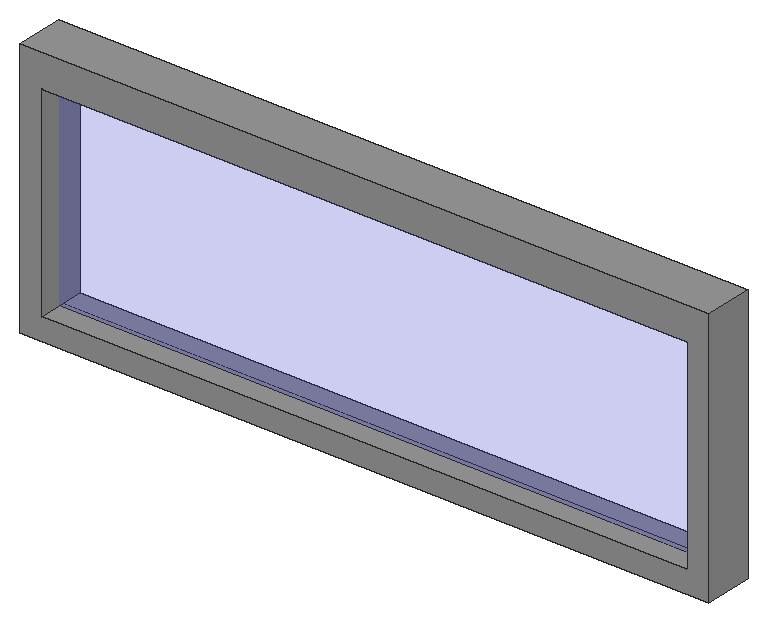
Revit family "Window W1", category Windows, host Wall, Revit 2025
Family settings
  Host = Wall
  OmniClass Number = 23.30.20.00
  OmniClass Title = Windows
  Always vertical = Yes
  Cut with Voids When Loaded = No
  Shared = No
  Room Calculation Point = No
Parameters (values of type "W1")
  Rough Width = 0' - 4 1/2"
  Height = 4' - 0"
  Glass Width = 0' - 0 1/2"
  Glass Material = Glass
  Frame Size = 0' - 2"
  Frame Material = Laminate, Black
  Default Sill Height = 6' - 0"
  Wall Closure = By host
  Width = 5' - 4"
Reference planes (in)
  plane 1 "Center (Front/Back)": y = 0
  plane 2: z = 0
  plane 3 "Center (Left/Right)": x = 0
  plane 4 "Sill": z = 72
  plane 5: y = 2.25
  plane 6: y = -2.25
  plane 7: y = 0.25
  plane 8: y = -0.25
Forms (in)
  Extrusion 1, solid, material "Laminate, Black" <- "Frame Material"
    sketch origin (0, 0, 0) x (1, 0, 0) y (0, 0, 1)
      loop
        line (32, 96) -> (-32, 96) -> (-32, 72) -> (32, 72) -> (32, 96)
      loop
        line (-30, 93) -> (-30, 74) -> (30, 74) -> (30, 93) -> (-30, 93)
    from -2.25 to 2.25
  Extrusion 2, solid, material "Glass" <- "Glass Material"
    sketch origin (0, 0, 0) x (1, 0, 0) y (0, 0, 1)
      loop
        line (30, 93) -> (-30, 93) -> (-30, 74) -> (30, 74) -> (30, 93)
    from -0.25 to 0.25
Lines and regions (in)
  Opening 1
    outline origin (-60, -7, 0) x (1, 0, 0) y (0, 0, 1)
      loop
        line (28, 96) -> (28, 72) -> (92, 72) -> (92, 96) -> (28, 96)
Text (in)
  text "EXTERIOR" at (-58.6888, 50.90694, 0), in view "Ref. Level"
  text "INTERIOR" at (-58.6888, -37.76638, 0), in view "Ref. Level"
  text "Exterior" at (0, 43.65631, 123.19604), in view "Left"
  text "Exterior" at (0, 18.29385, 125.04747), in view "Right"
Dimensions and locks (in)
  "Default Sill Height": plane 2 to plane 4 "Sill"
  equal spacing: Extrusion 1 sketch curve, plane 3 "Center (Left/Right)", Extrusion 1 sketch curve
  "Width": Extrusion 1 sketch curve to Extrusion 1 sketch curve
  "Frame Size": Extrusion 1 sketch curve to Extrusion 1 sketch curve  (x2)
  "Frame Size": plane 4 "Sill" to Extrusion 1 sketch curve
  Extrusion 1 sketch curve to Extrusion 1 sketch curve = 1' - 7"
  Extrusion 1 sketch curve to Extrusion 1 sketch curve = 0' - 3"
  plane 2 to Extrusion 1 = 8' - 0"
  equal spacing: host wall, plane 1 "Center (Front/Back)", host wall
  equal spacing: plane 5, plane 1 "Center (Front/Back)", plane 6
  "Rough Width": plane 5 to plane 6
  equal spacing: plane 7, plane 1 "Center (Front/Back)", plane 8
  "Glass Width": plane 7 to plane 8
  aligned and locked: plane 4 "Sill" to Opening 1 sketch curve  (x2)
  aligned and locked: level to plane 2
  aligned and locked: Extrusion 1 sketch curve to plane 4 "Sill"
  aligned and locked: Opening 1 sketch curve to Extrusion 1  (x3)
  aligned and locked: Extrusion 1 to plane 6
  aligned and locked: plane 5 to Extrusion 1
  aligned and locked: Extrusion 1 to Extrusion 2 sketch curve
  aligned and locked: Extrusion 2 sketch curve to Extrusion 1  (x3)
  aligned and locked: plane 7 to Extrusion 2
  aligned and locked: Extrusion 2 to plane 8
